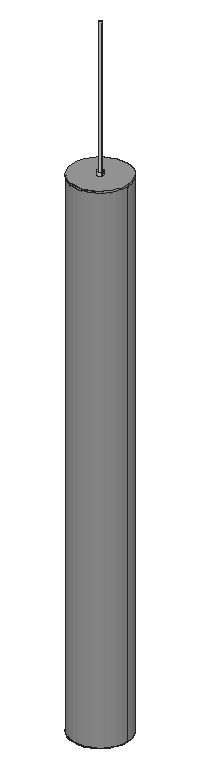
Revit family "Libra_V_21W_4000K_2835LM", category Lighting Fixtures, host Ceiling, Revit 2021
Family settings
  Host = Ceiling
  Round Connector Dimension = Use Diameter
  Part Type = Normal
  OmniClass Number = 23.80.70.11
  OmniClass Title = Luminaries for Internal Lighting
  Always vertical = Yes
  Cut with Voids When Loaded = No
  Light Source = Yes
  Shared = No
  Room Calculation Point = No
Parameters (values of type "Type 1")
  Wattage = 19.0855 W
  built-in parameter 1150110 = 1 (stored number, unit not read)
  Type de lampe = "LED Samsung 2835 - 28W/m"
  Type = "Suspension tubulaire"
  built-in parameter 1114217 = 1 (stored number, unit not read)
  Tilt Angle = 90.00°
  Température = "4000K (disponible en 3000K - sur demande)"
  built-in parameter 1150109 = 1 (stored number, unit not read)
  built-in parameter 1150134 = 12
  built-in parameter 1150113 = 1 (stored number, unit not read)
  SDCM = "<3"
  Puissance nominale = "21W"
  Photometric Web File = "google_eulumdat_converter (11).ies"
  Matériau = "Acrylique et embouts en aluminium"
  Maintien du flux = "L80B10 (50 000 heures)"
  Lumens = 2835 lm
  built-in parameter 1150115 = 1 (stored number, unit not read)
  built-in parameter 1150105 = 307.03 (stored number, unit not read)
  built-in parameter 1150137 = (empty or 0)
  built-in parameter 1150139 = (empty or 0)
  built-in parameter 1150112 = 1 (stored number, unit not read)
  built-in parameter 1150114 = 1 (stored number, unit not read)
  built-in parameter 1150132 = 2
  built-in parameter 1150102 = (empty or 0)
  built-in parameter 1150138 = (empty or 0)
  built-in parameter 1150107 = 4000 (stored number, unit not read)
  built-in parameter 1150106 = 3.0703 (stored number, unit not read)
  IRC = ">80"
  Flux lumineux = "2835 lm"
  built-in parameter 1150104 = 13.8 (stored number, unit not read)
  Durée de vie = "50 000 heures"
  Driver = "Driver Osram (déporté 230V/CC) - 350mA"
  Dimming Lamp Color Temperature Shift = <None>
  Dimensions = "ø 100 mm; H : 910 mm"
  Diffuseur = "Satiné mat"
  Default Elevation = 0 mm
  Color Filter = 16777215
  built-in parameter 1114218 = 1 (stored number, unit not read)
  built-in parameter 1150133 = 10 (stored number, unit not read)
  Angle d'éclairage = "360°"
  Alimentation luminaire = "500mA"
  Alimentation Driver = "AC 220-240V"
Reference planes
  plane 1 "Light Source Axis (F/B)": y = 0
  plane 2: z = 0
  plane 3 "Light Source Axis (L/R)": x = 0
  plane 4 "Ceiling": z = 4000
  plane 5 "Light Source Elevation": z = 3269.861
Forms (mm)
  Extrusion 1, solid, material "Glass, White, High Luminance"
    sketch origin (0, 0, 4000) x (0, 1, 0) y (-1, 0, 0)
      loop
        circle (0, 0) r 50
    from -1158.769 to -252.881
  Extrusion 2, solid, material "Default"
    sketch origin (0, 0, 4000) x (0, 1, 0) y (-1, 0, 0)
      loop
        circle (0, 0) r 50
    from -1160 to -1158.769
  Extrusion 3, solid, material "Default"
    sketch origin (0, 0, 4110) x (0, 1, 0) y (-1, 0, 0)
      loop
        circle (0, 0) r 50
    from -362.881 to -360
  Extrusion 4, solid
    sketch origin (0, 0, 4000) x (0, 1, 0) y (-1, 0, 0)
      loop
        circle (0, 0) r 5
    from -250 to -244.876
  Extrusion 5, solid
    sketch origin (0, 0, 4000) x (0, 1, 0) y (-1, 0, 0)
      loop
        circle (0, 0) r 2.457
    from -250 to 0
Lines and regions (mm)
  reference lines
    curve 1: circle (0, 0, 4000) r 50 normal (0, 0, -1)
    curve 2: line (0, 0, 3750) -> (0, 0, 3140)
    curve 3: line (0, 0, 3140) -> (-50, 0, 3140)
    curve 4: line (0, 0, 3750) -> (0, 0, 2840)
    curve 5: line (0, 0, 2840) -> (25, 0, 2840)
Dimensions and locks
  equal spacing: host sketch curve, plane 3 "Light Source Axis (L/R)", host sketch curve
  equal spacing: host sketch curve, plane 1 "Light Source Axis (F/B)", host sketch curve
  host sketch curve to host sketch curve = 4000 mm  (x2)
  plane 4 "Ceiling" to host ceiling = 0 mm
  aligned and locked: plane 1 "Light Source Axis (F/B)" to imposter light
  aligned and locked: plane 5 "Light Source Elevation" to imposter light
